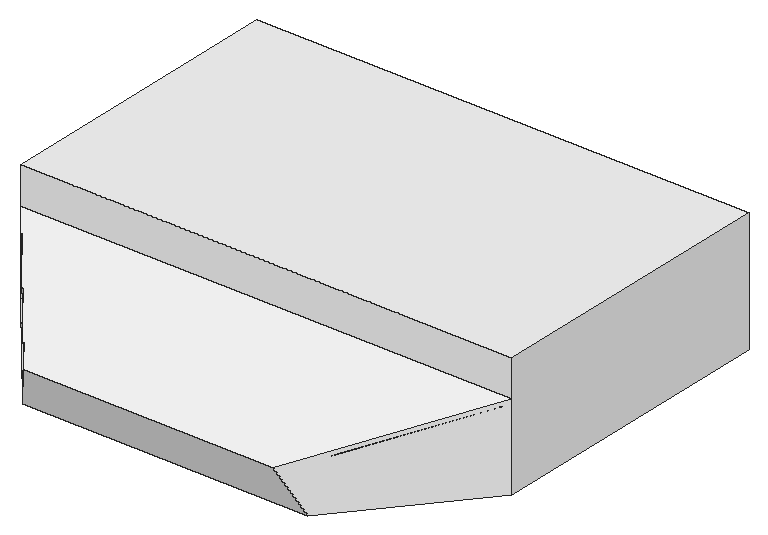
Revit family "QF_Summit_HSHELL20WH_Shell Hood", category Specialty Equipment, Revit 2020
Family settings
  Round Connector Dimension = Use Diameter
  Part Type = Normal
  Work Plane-Based = No
  Always vertical = Yes
  Cut with Voids When Loaded = No
  Shared = No
  Room Calculation Point = No
Parameters
  Weight in Pounds = 10
  URL Cutsheet = ""
  Specification by User = ""
  Specification by Manufacturer = ""
  Serial Number = ""
  Seismic Rating = ""
  SMACNA No = ""
  Revision Code = ""
  NAFEM Spec ID Number = ""
  Model = "HSHELL20WH"
  Masterspec = ""
  Manufacturer = "Summit"
  Length = 20"
  Item Number = ""
  Installed By = ""
  Identify Quantity as Lot = yes
  Height = 5"
  Furnished By = ""
  Foodservice Equipment Identifier = yes
  Description = "20\" Shell Hood"
  Depth = 18"
  Default Elevation = 0"
  CSI MasterFormat = ""
Reference planes (in)
  plane 1 "BACK": y = 0
  plane 2: z = 0
  plane 3 "LEFT": x = 0
  plane 4 "RIGHT": x = 20
  plane 5 "FRONT": y = -18
  plane 6 "TOP": z = 5
  plane 7 "Center Y": x = 10
  plane 8 "Center X": y = -9
  plane 9: z = 3.5
  plane 10: y = -12
  plane 11: z = 1.875
  plane 12: x = 4.9375
  plane 13: x = 15.0625
Forms (in)
  Extrusion 1, solid, material "QF_Plastic_White_Smooth"
    sketch origin (0, 0, 0) x (1, 0, 0) y (0, 1, 0)
      loop
        line (0, 0) -> (0, -12) -> (20, -12) -> (20, 0) -> (0, 0)
    from 0 to 5
  Extrusion 2, solid, material "QF_Plastic_White_Smooth"
    sketch origin (20, 0, 0) x (0, 1, 0) y (0, 0, 1)
      loop
        line (-18, 1.875) -> (-17.12567, 0) -> (-12, 0) -> (-12, 3.5) -> (-18, 1.875)
    from -20 to 0
  Extrusion 3, void
    sketch origin (0, 0, 0) x (1, 0, 0) y (0, 1, 0)
      loop
        line (0, -12) -> (-0.1875, -12) -> (-0.1875, -18.25) -> (4.9375, -18.25) -> (4.9375, -18) -> (0, -12)
      loop
        line (20, -12) -> (15.0625, -18) -> (15.0625, -18.25) -> (20.1875, -18.25) -> (20.1875, -12) -> (20, -12)
    from 0 to 3.5
  Blend 4, void
    base sketch origin (0, -2, 0) x (0, -1, 0) y (0, 0, -1)
      loop
        line (9.75, -4.75) -> (9.75, -0.25) -> (-1.75, -0.25) -> (-1.75, -4.75) -> (9.75, -4.75)
    top sketch origin (0, -2, 0) x (0, -1, 0) y (0, 0, -1)
      loop
        line (9.625, -4.625) -> (9.625, -0.375) -> (-1.625, -0.375) -> (-1.625, -4.625) -> (9.625, -4.625)
    from 0 to 0.08017
  Blend 5, void
    base sketch origin (19.875, -2, 0) x (0, -1, 0) y (0, 0, 1)
      loop
        line (9.75, 4.75) -> (-1.75, 4.75) -> (-1.75, 0.25) -> (9.75, 0.25) -> (9.75, 4.75)
    top sketch origin (19.875, -2, 0) x (0, -1, 0) y (0, 0, 1)
      loop
        line (9.625, 4.625) -> (-1.625, 4.625) -> (-1.625, 0.375) -> (9.625, 0.375) -> (9.625, 4.625)
    from 0 to 0.08017
  Blend 6, void
    base sketch origin (0, -12, 0) x (-0.635425, 0.772162, 0) y (0, 0, 1)
      loop
        line (-7.37414, 1.70246) -> (-6.497, 0.25) -> (-0.25, 0.25) -> (-0.25, 3.19231) -> (-7.37414, 1.70246)
    top sketch origin (0, -12, 0) x (-0.635425, 0.772162, 0) y (0, 0, 1)
      loop
        line (-7.28514, 1.65857) -> (-6.47224, 0.3125) -> (-0.3125, 0.3125) -> (-0.3125, 3.11674) -> (-7.28514, 1.65857)
    from 0 to 0.08636
  Blend 7, void
    base sketch origin (19.875, -12, 0) x (0.635425, 0.772162, 0) y (0, 0, -1)
      loop
        line (-7.37414, -1.70246) -> (-0.25, -3.19231) -> (-0.25, -0.25) -> (-6.497, -0.25) -> (-7.37414, -1.70246)
    top sketch origin (19.875, -12, 0) x (0.635425, 0.772162, 0) y (0, 0, -1)
      loop
        line (-7.28514, -1.65857) -> (-0.3125, -3.11674) -> (-0.3125, -0.3125) -> (-6.47224, -0.3125) -> (-7.28514, -1.65857)
    from 0 to 0.08636
Cuts and joins
  Extrusion 3, Blend 6, Blend 7 cuts Extrusion 2
  Blend 4, Blend 5, Blend 6 cuts Extrusion 1
Lines and regions (in)
  symbolic lines
    curve 1: line (0, 0, 0) -> (0, -12, 0)
    curve 2: line (0, -12, 0) -> (20, -12, 0)
    curve 3: line (20, -12, 0) -> (20, 0, 0)
    curve 4: line (20, 0, 0) -> (0, 0, 0)
    curve 5: line (0, -12, 0) -> (4.9375, -18, 0)
    curve 6: line (4.9375, -18, 0) -> (15.0625, -18, 0)
    curve 7: line (15.0625, -18, 0) -> (20, -12, 0)
Dimensions and locks (in)
  equal spacing: plane 3 "LEFT", plane 7 "Center Y", plane 4 "RIGHT"
  "Length": plane 3 "LEFT" to plane 4 "RIGHT"
  equal spacing: plane 5 "FRONT", plane 8 "Center X", plane 1 "BACK"
  "Depth": plane 5 "FRONT" to plane 1 "BACK"
  "Height": plane 6 "TOP" to level
  plane 9 to level = 3 1/2"
  plane 10 to plane 1 "BACK" = 12"
  plane 5 "FRONT" to plane 1 "BACK" = 18"
  locked: plane 4 "RIGHT" to plane 13 at 4.9375
  plane 4 "RIGHT" to plane 3 "LEFT" = 20"
  aligned and locked: level to plane 2
  aligned and locked: plane 6 "TOP" to Extrusion 1
  aligned and locked: Extrusion 2 to plane 3 "LEFT"
  aligned and locked: plane 9 to Extrusion 3
  aligned and locked: cut or joined group of Extrusion 2, Extrusion 3, Blend 6, Blend 7 to plane 4 "RIGHT"
Automatic sketch dimensions
  Extrusion 1 sketch curve to plane 3 "LEFT" = 0"
  Extrusion 1 sketch curve to plane 4 "RIGHT" = 0"
  plane 10 to Extrusion 1 sketch curve = 0"
  plane 1 "BACK" to Extrusion 1 sketch curve = 0"
  Extrusion 2 sketch curve to plane 5 "FRONT" = 0"
  Extrusion 2 sketch curve to level = 0"
  Extrusion 2 sketch curve to plane 10 = 0"
  plane 11 to Extrusion 2 sketch curve = 0"
  Extrusion 2 sketch curve to plane 9 = 0"
  Extrusion 2 sketch curve to plane 5 "FRONT" = 0.87433"
  plane 10 to Extrusion 3 sketch curve = 0"  (x2)
  Extrusion 3 sketch curve to plane 3 "LEFT" = 0"
  Extrusion 3 sketch curve to plane 12 = 0"
  Extrusion 3 sketch curve to plane 13 = 0"
  Extrusion 3 sketch curve to plane 4 "RIGHT" = 0"
  plane 5 "FRONT" to Extrusion 3 sketch curve = 0"  (x2)
  Extrusion 3 sketch curve to plane 3 "LEFT" = 3/16"
  Extrusion 3 sketch curve to plane 4 "RIGHT" = 3/16"
  plane 5 "FRONT" to Extrusion 3 sketch curve = 1/4"  (x2)
  Blend 4 sketch curve to Extrusion 1 = 1/4"  (x3)
  Extrusion 1 to Blend 4 sketch curve = 1/4"
  Blend 4 sketch curve to Extrusion 1 = 3/8"  (x3)
  Extrusion 1 to Blend 4 sketch curve = 3/8"
  plane 1 "BACK" to Blend 5 sketch curve = 1/4"
  Blend 5 sketch curve to plane 10 = 1/4"
  level to Blend 5 sketch curve = 1/4"
  Blend 5 sketch curve to plane 6 "TOP" = 1/4"
  plane 1 "BACK" to Blend 5 sketch curve = 3/8"
  Blend 5 sketch curve to plane 10 = 3/8"
  level to Blend 5 sketch curve = 3/8"
  Blend 5 sketch curve to plane 6 "TOP" = 3/8"
  Extrusion 3 to Blend 6 sketch curve = 0.39625"
  Blend 6 sketch curve to Extrusion 3 = 1/4"
  Extrusion 3 to Blend 6 sketch curve = 1.27339"
  Extrusion 3 to Blend 6 sketch curve = 1/4"
  Blend 6 sketch curve to Blend 6 sketch curve = 1.45246"
  Blend 6 sketch curve to Extrusion 3 = 0.30769"
  Extrusion 3 to Blend 6 sketch curve = 0.48525"
  Blend 6 sketch curve to Extrusion 3 = 5/16"
  Extrusion 3 to Blend 6 sketch curve = 1.29814"
  Extrusion 3 to Blend 6 sketch curve = 5/16"
  Blend 6 sketch curve to Blend 6 sketch curve = 1.34607"
  Blend 6 sketch curve to Extrusion 3 = 0.38326"
  plane 11 to Blend 7 sketch curve = 0.17254"
  level to Blend 7 sketch curve = 1/4"
  Blend 7 sketch curve to Blend 7 sketch curve = 0.87714"
  Blend 7 sketch curve to Blend 7 sketch curve = 6.247"
  Blend 7 sketch curve to plane 9 = 0.30769"
  plane 11 to Blend 7 sketch curve = 0.21643"
  level to Blend 7 sketch curve = 5/16"
  Blend 7 sketch curve to Blend 7 sketch curve = 0.81289"
  Blend 7 sketch curve to Blend 7 sketch curve = 6.15974"
  Blend 7 sketch curve to plane 9 = 0.38326"
  curve 1 to plane 3 "LEFT" = 0"
  plane 1 "BACK" to curve 3 = 0"
  curve 3 to plane 4 "RIGHT" = 0"
  plane 10 to curve 1 = 0"
  plane 5 "FRONT" to curve 6 = 0"
  curve 6 to plane 12 = 0"
  curve 6 to plane 13 = 0"
